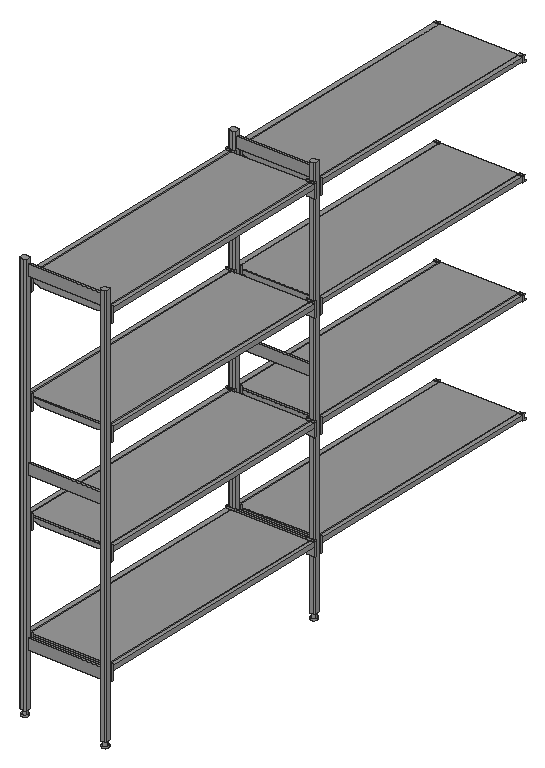
Revit family "QF_ZANUSSI_137065_ACS2192", category Attrezzature speciali, Revit 2020
Family settings
  Quota connettore circolare = Usa diametro
  Tipo di parte = Normale
  Basato su piano di lavoro = No
  Sempre verticale = Sì
  Taglio con vuoti quando caricato = No
  Condiviso = No
  Punto di calcolo locali = No
Parameters (values of type "Standard")
  Weight = 34.00 kg
  Watts = 0 W
  Volts = 0 V
  URL Manufacturer = "http://www.zanussiprofessional.com"
  URL = "http://www.zanussiprofessional.com"
  Steam Supply Size = 0 mm
  Steam Supply Minimum Pressure = 0.0 Pa
  Steam Supply Maximum Pressure = 0.0 Pa
  Steam Consumption per Hour = 0
  Refrigeration Suction Line Size = 0.0 mm
  Refrigeration Liquid Line Size = 0.0 mm
  Refrigerant Compressor Remote = yes
  Prospetto di default = 0.0 mm
  Phase = 0
  Modello = "ACS2192"
  Produttore = "Zanussi"
  Length Actual = 2196.0 mm  # constant formula
  Item Number = "137065"
  Hot Water Size = 0 mm
  Height Actual = 1700.0 mm  # constant formula
  HP = "0 HP"
  Gas Size = 0 mm
  Gas KW = 0
  Gas Input Pressure = 0 W
  Direct Waste Size = 0 mm
  Descrizione = "ALUM.CORNER SHELV.-POLY.TIERS-373X2196MM"
  Depth Actual = 373.0 mm  # constant formula
  Cycle = 0 Hz
  Condensate Return Size = 0 mm
  Compressed Air Volume = 0.0 L/s
  Compressed Air Size = 0 mm
  Compressed Air Pressure = 0.0 Pa
  Cold Water Size = 0 mm
  Accessory = yes
Reference planes
  plane 1: z = 0
  plane 2 "CenterLeft": y = -535.5
  plane 3 "FRONT": y = -921.5
  plane 4 "LEFT": x = 192.5
  plane 5 "RIGHT": x = 565.5
  plane 6 "TOP": z = 1700
  plane 7: y = -889.5
  plane 8: y = 172.5
  plane 9 "Center (Left/Back)": x = 379
  plane 10: x = 205
  plane 11: x = 515
  plane 12 "FEET": z = 25
  plane 13: z = 275
  plane 14: z = 725
  plane 15: z = 1175
  plane 16: z = 1625
  plane 17 "CXLeft": y = -907.5
  plane 18 "Center (Front/Back)": y = 190.5
  plane 19 "CYFront": x = 510
  plane 20: y = 1270.5
  plane 21: y = 208.5
  plane 22 "BACK": y = 1274.5
  plane 23 "LEFT_ORIGIN": x = 158.5
  plane 24 "BACK_ORIGIN": y = 1647.5
Forms (mm)
  Extrusion 1, solid, material "QF_Aluminum"
    sketch origin (38.022, -921.5, -4.006) x (-1, 0, 0) y (0, 0, 1)
      loop
        line (-189.5, 1637.003) -> (-173.5, 1637.003) -> (-173.5, 1655) -> (-175.493, 1655) -> (-175.493, 1648.501) -> (-506.5, 1648.501) -> (-506.5, 1655) -> (-508.5, 1655) -> (-508.5, 1637.003) -> (-492.5, 1637.003) -> (-458.5, 1625) -> (-223.5, 1625) -> (-189.5, 1637.003)
      loop
        line (-189.5, 1187.003) -> (-173.5, 1187.003) -> (-173.5, 1205) -> (-175.493, 1205) -> (-175.493, 1198.501) -> (-506.5, 1198.501) -> (-506.5, 1205) -> (-508.5, 1205) -> (-508.5, 1187.003) -> (-492.5, 1187.003) -> (-458.5, 1175) -> (-223.5, 1175) -> (-189.5, 1187.003)
      loop
        line (-189.5, 737.003) -> (-173.5, 737.003) -> (-173.5, 755) -> (-175.493, 755) -> (-175.493, 748.501) -> (-506.5, 748.501) -> (-506.5, 755) -> (-508.5, 755) -> (-508.5, 737.003) -> (-492.5, 737.003) -> (-458.5, 725) -> (-223.5, 725) -> (-189.5, 737.003)
      loop
        line (-189.5, 287.003) -> (-173.5, 287.003) -> (-173.5, 305) -> (-175.493, 305) -> (-175.493, 298.501) -> (-506.5, 298.501) -> (-506.5, 305) -> (-508.5, 305) -> (-508.5, 287.003) -> (-492.5, 287.003) -> (-458.5, 275) -> (-223.5, 275) -> (-189.5, 287.003)
    from 37 to 32
  Extrusion 2, solid, material "QF_Aluminum"
    sketch origin (38.022, -921.5, 0) x (-1, 0, 0) y (0, 0, 1)
      loop
        line (-154.478, 246.005) -> (-154.478, 307.993) -> (-190.471, 307.993) -> (-190.471, 246.005) -> (-154.478, 246.005)
      loop
        line (-527.478, 246.005) -> (-491.484, 246.005) -> (-491.484, 307.993) -> (-527.478, 307.993) -> (-527.478, 246.005)
      loop
        line (-154.478, 696.005) -> (-154.478, 757.993) -> (-190.471, 757.993) -> (-190.471, 696.005) -> (-154.478, 696.005)
      loop
        line (-527.478, 696.005) -> (-491.484, 696.005) -> (-491.484, 757.993) -> (-527.478, 757.993) -> (-527.478, 696.005)
      loop
        line (-154.478, 1146.005) -> (-154.478, 1207.993) -> (-190.471, 1207.993) -> (-190.471, 1146.005) -> (-154.478, 1146.005)
      loop
        line (-527.478, 1146.005) -> (-491.484, 1146.005) -> (-491.484, 1207.993) -> (-527.478, 1207.993) -> (-527.478, 1146.005)
      loop
        line (-154.478, 1596.005) -> (-154.478, 1657.993) -> (-190.471, 1657.993) -> (-190.471, 1596.005) -> (-154.478, 1596.005)
      loop
        line (-527.478, 1596.005) -> (-491.484, 1596.005) -> (-491.484, 1657.993) -> (-527.478, 1657.993) -> (-527.478, 1596.005)
    from 28 to 32
  Extrusion 3, solid, material "QF_Aluminum"
    sketch origin (38.022, -921.5, 0) x (-1, 0, 0) y (0, 0, 1)
      loop
        line (-154.5, 1650.994) -> (-173.5, 1650.994) -> (-173.5, 1632.998) -> (-154.5, 1632.998) -> (-154.5, 1650.994)
      loop
        line (-154.5, 1200.994) -> (-173.5, 1200.994) -> (-173.5, 1182.998) -> (-154.5, 1182.998) -> (-154.5, 1200.994)
      loop
        line (-154.5, 750.994) -> (-173.5, 750.994) -> (-173.5, 732.998) -> (-154.5, 732.998) -> (-154.5, 750.994)
      loop
        line (-154.5, 300.994) -> (-173.5, 300.994) -> (-173.5, 282.998) -> (-154.5, 282.998) -> (-154.5, 300.994)
      loop
        line (-527.455, 1650.994) -> (-527.455, 1632.998) -> (-508.455, 1632.998) -> (-508.455, 1650.994) -> (-527.455, 1650.994)
      loop
        line (-527.455, 1200.994) -> (-527.455, 1182.998) -> (-508.455, 1182.998) -> (-508.455, 1200.994) -> (-527.455, 1200.994)
      loop
        line (-527.455, 750.994) -> (-527.455, 732.998) -> (-508.455, 732.998) -> (-508.455, 750.994) -> (-527.455, 750.994)
      loop
        line (-527.455, 300.994) -> (-527.455, 282.998) -> (-508.455, 282.998) -> (-508.455, 300.994) -> (-527.455, 300.994)
    from 32 to 1094
  Extrusion 4, solid, material "QF_Polyethylene"
    sketch origin (38.022, -921.5, 0) x (-1, 0, 0) y (0, 0, 1)
      loop
        line (-175.493, 1650.994) -> (-506.5, 1650.994) -> (-506.5, 1644.496) -> (-175.493, 1644.496) -> (-175.493, 1650.994)
      loop
        line (-175.493, 1200.994) -> (-506.5, 1200.994) -> (-506.5, 1194.496) -> (-175.493, 1194.496) -> (-175.493, 1200.994)
      loop
        line (-175.493, 750.994) -> (-506.5, 750.994) -> (-506.5, 744.496) -> (-175.493, 744.496) -> (-175.493, 750.994)
      loop
        line (-175.493, 300.994) -> (-506.5, 300.994) -> (-506.5, 294.496) -> (-175.493, 294.496) -> (-175.493, 300.994)
    from 32 to 1094
  Extrusion 5, solid, material "QF_Aluminum"
    sketch origin (38.022, 684.5, 0) x (-1, 0, 0) y (0, 0, 1)
      loop
        line (-154.5, 1650.994) -> (-173.5, 1650.994) -> (-173.5, 1632.998) -> (-154.5, 1632.998) -> (-154.5, 1650.994)
      loop
        line (-508.5, 1650.994) -> (-527.455, 1650.994) -> (-527.455, 1632.998) -> (-508.5, 1632.998) -> (-508.5, 1650.994)
      loop
        line (-154.5, 1200.994) -> (-173.5, 1200.994) -> (-173.5, 1182.998) -> (-154.5, 1182.998) -> (-154.5, 1200.994)
      loop
        line (-508.5, 1200.994) -> (-527.455, 1200.994) -> (-527.455, 1182.998) -> (-508.5, 1182.998) -> (-508.5, 1200.994)
      loop
        line (-154.5, 750.994) -> (-173.5, 750.994) -> (-173.5, 732.998) -> (-154.5, 732.998) -> (-154.5, 750.994)
      loop
        line (-508.5, 750.994) -> (-527.455, 750.994) -> (-527.455, 732.998) -> (-508.5, 732.998) -> (-508.5, 750.994)
      loop
        line (-154.5, 300.994) -> (-173.5, 300.994) -> (-173.5, 282.998) -> (-154.5, 282.998) -> (-154.5, 300.994)
      loop
        line (-508.5, 300.994) -> (-527.455, 300.994) -> (-527.455, 282.998) -> (-508.5, 282.998) -> (-508.5, 300.994)
    from 586 to -476
  Extrusion 6, solid, material "QF_Polyethylene"
    sketch origin (38.022, 684.5, 0) x (-1, 0, 0) y (0, 0, 1)
      loop
        line (-175.493, 1650.994) -> (-506.5, 1650.994) -> (-506.5, 1644.496) -> (-175.493, 1644.496) -> (-175.493, 1650.994)
      loop
        line (-175.493, 1200.994) -> (-506.5, 1200.994) -> (-506.5, 1194.496) -> (-175.493, 1194.496) -> (-175.493, 1200.994)
      loop
        line (-175.493, 750.994) -> (-506.5, 750.994) -> (-506.5, 744.496) -> (-175.493, 744.496) -> (-175.493, 750.994)
      loop
        line (-175.493, 300.994) -> (-506.5, 300.994) -> (-506.5, 294.496) -> (-175.493, 294.496) -> (-175.493, 300.994)
    from 586 to -476
Lines and regions (mm)
  symbolic lines
    curve 1: line (205, -912.5, 1700) -> (515, -912.5, 1700)
    curve 2: line (515, -902.5, 1700) -> (205, -902.5, 1700)
    curve 3: line (192.5, -893.5, 1700) -> (192.5, 176.5, 1700)
    curve 4: line (565.5, -889.5, 1700) -> (565.5, 172.5, 1700)
    curve 5: line (192.5, 204.5, 1700) -> (192.5, 1274.5, 1700)
    curve 6: line (565.5, 204.5, 1700) -> (565.5, 1274.5, 1700)
    curve 7: line (211.522, 1270.5, 1700) -> (510.507, 1270.5, 1700)
    curve 8: line (211.522, 172.5, 1700) -> (510.507, 172.5, 1700)
    curve 9: line (510.507, 208.5, 1700) -> (211.522, 208.5, 1700)
    curve 10: line (211.522, -889.5, 1700) -> (510.507, -889.5, 1700)
    curve 11: line (211.522, -889.5, 1700) -> (211.522, 172.5, 1700)
    curve 12: line (546.478, 172.5, 1700) -> (546.478, -889.5, 1700)
    curve 13: line (211.522, 208.5, 1700) -> (211.522, 1270.5, 1700)
    curve 14: line (546.522, 652.5, 1700) -> (546.522, -145.5, 1700)
Dimensions and locks
  plane 3 "FRONT" to plane 2 "CenterLeft" = 386.0 mm
  locked: plane 6 "TOP" to level at 1700
  locked: plane 7 to plane 8 at 1062
  locked: plane 10 to plane 11 at 310
  plane 10 to plane 9 "Center (Left/Back)" to plane 11 = 174.0 mm, 136.0 mm
  equal spacing: plane 4 "LEFT", plane 9 "Center (Left/Back)", plane 5 "RIGHT"
  plane 12 "FEET" to level = 25.0 mm
  plane 6 "TOP" to plane 12 "FEET" = 1675.0 mm
  plane 13 to plane 12 "FEET" = 250.0 mm
  plane 14 to plane 13 = 450.0 mm
  plane 15 to plane 14 = 450.0 mm
  plane 16 to plane 15 = 450.0 mm
  plane 19 "CYFront" to Extrusion 1 sketch curve = 34.522 mm
  locked: plane 21 to plane 20 at 1062
  locked: plane 8 to plane 18 "Center (Front/Back)" at 18
  locked: plane 18 "Center (Front/Back)" to plane 21 at 18
  locked: plane 3 "FRONT" to plane 7 at 32
  locked: plane 4 "LEFT" to plane 5 "RIGHT" at 373
  locked: plane 23 "LEFT_ORIGIN" to plane 5 "RIGHT" at 407
  locked: plane 22 "BACK" to plane 24 "BACK_ORIGIN" at 373
  locked: plane 22 "BACK" to plane 3 "FRONT" at 2196
  aligned and locked: level to plane 1
  aligned and locked: Extrusion 1 to plane 7
  aligned and locked: plane 7 to Extrusion 2
  aligned and locked: Extrusion 4 to plane 7
  aligned and locked: plane 8 to Extrusion 4
  aligned and locked: Extrusion 3 to plane 7
  aligned and locked: plane 8 to Extrusion 3
  aligned and locked: Extrusion 1 sketch curve to Extrusion 1 sketch curve  (x3)
  aligned and locked: Extrusion 4 sketch curve to Extrusion 1  (x4)
  aligned and locked: Extrusion 5 sketch curve to Extrusion 5 sketch curve  (x2)
  aligned and locked: Extrusion 5 to plane 21  (x5)
  aligned and locked: Extrusion 6 to plane 21  (x5)
  aligned and locked: nested 2 to plane 18 "Center (Front/Back)"
  aligned and locked: nested 1 to plane 17 "CXLeft"
  aligned and locked: plane 7 to Extrusion 3  (x3)
  aligned and locked: Extrusion 3 to plane 8  (x4)
  aligned and locked: Extrusion 4 to plane 8  (x4)
  aligned and locked: plane 20 to Extrusion 5
  aligned and locked: plane 20 to Extrusion 6
  aligned and locked: Extrusion 5 to plane 20  (x3)
  aligned and locked: Extrusion 6 to plane 20  (x3)
  aligned and locked: plane 9 "Center (Left/Back)" to nested 2
  aligned and locked: nested 3 to plane 22 "BACK"
Automatic sketch dimensions
  curve 1 to plane 10 = 0.0 mm
  curve 1 to plane 11 = 0.0 mm
  curve 2 to plane 10 = 0.0 mm
  curve 2 to plane 11 = 0.0 mm
  curve 3 to plane 4 "LEFT" = 0.0 mm
  plane 7 to curve 10 = 0.0 mm
  curve 4 to plane 5 "RIGHT" = 0.0 mm
  plane 7 to curve 4 = 0.0 mm
  plane 8 to curve 8 = 0.0 mm
  plane 8 to curve 4 = 0.0 mm
  curve 6 to plane 5 "RIGHT" = 0.0 mm
  curve 5 to plane 4 "LEFT" = 0.0 mm
  curve 9 to plane 21 = 0.0 mm
  plane 20 to curve 7 = 0.0 mm
  plane 7 to curve 3 = 4.0 mm
  plane 17 "CXLeft" to curve 2 = 5.0 mm
  curve 1 to plane 17 "CXLeft" = 5.0 mm
  curve 3 to plane 8 = 4.0 mm
  curve 6 to plane 21 = 4.0 mm
  curve 5 to plane 21 = 4.0 mm
  curve 6 to plane 20 = 4.0 mm
  curve 5 to plane 20 = 4.0 mm
  plane 11 to curve 10 = 4.493 mm
  plane 11 to curve 9 = 4.493 mm
  plane 11 to curve 8 = 4.493 mm
  plane 11 to curve 7 = 4.493 mm
  curve 8 to plane 10 = 6.522 mm
  curve 7 to plane 10 = 6.522 mm
  Extrusion 1 sketch curve to plane 19 "CYFront" = 36.522 mm  (x4)
  Extrusion 1 sketch curve to plane 11 = 15.522 mm  (x4)
  Extrusion 1 sketch curve to plane 13 = 4.006 mm
  Extrusion 1 sketch curve to Extrusion 1 sketch curve = 34.0 mm  (x4)
  Extrusion 1 sketch curve to plane 14 = 4.006 mm
  Extrusion 1 sketch curve to plane 15 = 4.006 mm
  Extrusion 1 sketch curve to plane 16 = 4.006 mm
  Extrusion 1 sketch curve to plane 10 = 56.522 mm  (x4)
  Extrusion 1 sketch curve to plane 10 = 22.522 mm  (x4)
  plane 13 to Extrusion 1 sketch curve = 7.998 mm  (x2)
  Extrusion 1 sketch curve to Extrusion 1 sketch curve = 11.498 mm  (x4)
  Extrusion 1 sketch curve to Extrusion 1 sketch curve = 6.499 mm  (x8)
  plane 14 to Extrusion 1 sketch curve = 7.998 mm  (x2)
  plane 15 to Extrusion 1 sketch curve = 7.998 mm  (x2)
  plane 16 to Extrusion 1 sketch curve = 7.998 mm  (x2)
  Extrusion 2 sketch curve to plane 5 "RIGHT" = 0.0 mm  (x4)
  Extrusion 2 sketch curve to plane 4 "LEFT" = 0.0 mm  (x4)
  Extrusion 2 sketch curve to plane 11 = 14.507 mm  (x4)
  Extrusion 2 sketch curve to plane 10 = 23.493 mm  (x4)
  Extrusion 2 sketch curve to plane 13 = 28.995 mm  (x2)
  plane 13 to Extrusion 2 sketch curve = 32.993 mm  (x2)
  Extrusion 2 sketch curve to plane 14 = 28.995 mm  (x2)
  plane 14 to Extrusion 2 sketch curve = 32.993 mm  (x2)
  Extrusion 2 sketch curve to plane 15 = 28.995 mm  (x2)
  plane 15 to Extrusion 2 sketch curve = 32.993 mm  (x2)
  Extrusion 2 sketch curve to plane 16 = 28.995 mm  (x2)
  plane 16 to Extrusion 2 sketch curve = 32.993 mm  (x2)
  plane 13 to Extrusion 4 sketch curve = 19.496 mm
  Extrusion 4 sketch curve to Extrusion 4 sketch curve = 6.499 mm  (x4)
  plane 14 to Extrusion 4 sketch curve = 19.496 mm
  plane 15 to Extrusion 4 sketch curve = 19.496 mm
  plane 16 to Extrusion 4 sketch curve = 19.496 mm
  plane 5 "RIGHT" to Extrusion 5 sketch curve = 0.022 mm  (x4)
  Extrusion 5 sketch curve to plane 4 "LEFT" = 19.022 mm  (x4)
  Extrusion 5 sketch curve to plane 19 "CYFront" = 36.522 mm  (x2)
  plane 13 to Extrusion 5 sketch curve = 7.998 mm  (x2)
  Extrusion 5 sketch curve to Extrusion 5 sketch curve = 17.997 mm  (x8)
  plane 14 to Extrusion 5 sketch curve = 7.998 mm  (x2)
  plane 15 to Extrusion 5 sketch curve = 7.998 mm  (x2)
  plane 16 to Extrusion 5 sketch curve = 7.998 mm  (x2)
  Extrusion 6 sketch curve to plane 19 "CYFront" = 34.522 mm  (x4)
  plane 13 to Extrusion 6 sketch curve = 19.496 mm
  Extrusion 6 sketch curve to Extrusion 6 sketch curve = 6.499 mm  (x4)
  plane 14 to Extrusion 6 sketch curve = 19.496 mm
  plane 15 to Extrusion 6 sketch curve = 19.496 mm
  plane 16 to Extrusion 6 sketch curve = 19.496 mm
  plane 5 "RIGHT" to Extrusion 3 sketch curve = 0.022 mm  (x4)
  Extrusion 3 sketch curve to Extrusion 3 sketch curve = 19.0 mm  (x4)
  plane 14 to Extrusion 3 sketch curve = 7.998 mm  (x2)
  Extrusion 3 sketch curve to plane 10 = 6.522 mm  (x4)
  Extrusion 3 sketch curve to plane 4 "LEFT" = 0.022 mm  (x4)
  plane 13 to Extrusion 3 sketch curve = 25.994 mm  (x2)
  plane 13 to Extrusion 3 sketch curve = 7.998 mm  (x2)
  Extrusion 3 sketch curve to Extrusion 3 sketch curve = 17.997 mm  (x6)
  plane 15 to Extrusion 3 sketch curve = 7.998 mm  (x2)
  plane 16 to Extrusion 3 sketch curve = 7.998 mm  (x2)
  plane 7 to curve 12 = 0.0 mm
  plane 8 to curve 12 = 0.0 mm
  curve 4 to curve 12 = 19.022 mm
  Extrusion 1 sketch curve to plane 10 = 8.516 mm  (x4)
  Extrusion 1 sketch curve to plane 10 = 6.522 mm  (x2)
  Extrusion 1 sketch curve to Extrusion 1 sketch curve = 1.993 mm  (x2)
  Extrusion 4 sketch curve to plane 10 = 8.516 mm  (x4)
  Extrusion 5 sketch curve to plane 4 "LEFT" = 0.022 mm  (x4)
  Extrusion 6 sketch curve to plane 10 = 8.516 mm  (x4)
Nested families
  nested 1: "WT_Anta373" at (215.5, -504.5, 0) x (0, 1, 0) z (0, 0, 1), type "WT_Anta373"
  nested 2: "WT_Anta373Center" at (215.5, 593.5, 0) x (0, 1, 0) z (0, 0, 1), type "WT_Anta373Center"
  nested 3: "WT_Aggancio373" at (215.5, 1682.5, 0) x (0, 1, 0) z (0, 0, 1), type "WT_Aggancio373"
Definition of nested family "WT_Anta373"
  Parameters
    WidthLeft = A + 64.0 mm  # 772.0 mm
    Width = 1606.0 mm
    Right = WidthLeft / 2  # 386.0 mm
    Default Elevation = 0.0 mm
    Left = -WidthLeft / 2  # -386.0 mm
    Height = 1725.0 mm
    FEET = 25.0 mm
    E = 0.0 mm
    Dint = Depth - 63.0 mm  # 310.0 mm
    Dext = Depth - 8.0 mm  # 365.0 mm
    Depth = 373.0 mm
    DX = (WidthLeft - A) / 2  # 32.0 mm
    B = 798.0 mm
    A = 708.0 mm
  Reference planes
    plane 1: z = 0
    plane 2 "LEFT": x = -417
    plane 3 "BACK": y = 23
    plane 4 "FRONT": y = -350
    plane 5 "TOP": z = 1725
    plane 6 "Center (Front/Back)": y = -163.5
    plane 7: y = -8.5
    plane 8: y = -318.5
    plane 9 "FEET": z = 25
    plane 10: z = 275
    plane 11: z = 725
    plane 12: z = 1175
    plane 13: z = 1625
    plane 14 "CXLeft": x = -403
    plane 15: y = 5.5
    plane 16 "CYBack": y = 5.5
    plane 17 "CYFront": y = -332.5
    plane 18: x = -385.031
    plane 19: x = -380.031
  Forms (mm)
    Extrusion 1, solid
      sketch origin (0, 0, 0) x (1, 0, 0) y (0, 1, 0)
        loop
          line (-417, 13.246) -> (-417, -2.246) -> (-410.746, -8.5) -> (-395.254, -8.5) -> (-389, -2.246) -> (-389, 13.246) -> (-395.254, 19.5) -> (-410.746, 19.5) -> (-417, 13.246)
      from 1725 to 25
    Extrusion 2, solid
      sketch origin (-417, 0, 0) x (0, 1, 0) y (0, 0, 1)
        loop
          line (23, 246.005) -> (23, 307.993) -> (-12.993, 307.993) -> (-12.993, 246.005) -> (23, 246.005)
        loop
          line (-350, 246.005) -> (-314.007, 246.005) -> (-314.007, 307.993) -> (-350, 307.993) -> (-350, 246.005)
        loop
          line (23, 696.005) -> (23, 757.993) -> (-12.993, 757.993) -> (-12.993, 696.005) -> (23, 696.005)
        loop
          line (-350, 696.005) -> (-314.007, 696.005) -> (-314.007, 757.993) -> (-350, 757.993) -> (-350, 696.005)
        loop
          line (23, 1146.005) -> (23, 1207.993) -> (-12.993, 1207.993) -> (-12.993, 1146.005) -> (23, 1146.005)
        loop
          line (-350, 1146.005) -> (-314.007, 1146.005) -> (-314.007, 1207.993) -> (-350, 1207.993) -> (-350, 1146.005)
        loop
          line (23, 1596.005) -> (23, 1657.993) -> (-12.993, 1657.993) -> (-12.993, 1596.005) -> (23, 1596.005)
        loop
          line (-350, 1596.005) -> (-314.007, 1596.005) -> (-314.007, 1657.993) -> (-350, 1657.993) -> (-350, 1596.005)
      from 28 to 32
    Revolve 3, solid
      sketch origin (-403, 0, 0) x (0, 1, 0) y (0, 0, 1)
        loop
          line (5.5, 25) -> (5.5, 0) -> (19, 0) -> (19, 5) -> (14, 5) -> (14, 25) -> (5.5, 25)
        axis (5.5, 25) -> (5.5, 0)
      angle from 0 to 360
    Extrusion 4, solid
      sketch origin (-403, 0, 0) x (0, 1, 0) y (0, 0, 1)
        loop
          line (-8.5, 912.382) -> (-8.5, 957.374) -> (-318.5, 957.374) -> (-318.5, 912.382) -> (-8.5, 912.382)
        loop
          line (-8.5, 1662.244) -> (-8.5, 1707.236) -> (-318.5, 1707.236) -> (-318.5, 1662.244) -> (-8.5, 1662.244)
      from -5 to 5
    Revolve 5, solid
      sketch origin (-403, -627, 0) x (0, -1, 0) y (0, 0, 1)
        loop
          line (-294.5, 25) -> (-294.5, 0) -> (-281, 0) -> (-281, 5) -> (-286, 5) -> (-286, 25) -> (-294.5, 25)
        axis (-294.5, 25) -> (-294.5, 0)
      angle from 0 to 360
    Extrusion 6, solid
      sketch origin (0, -627, 0) x (1, 0, 0) y (0, 1, 0)
        loop
          line (-417, 286.754) -> (-410.746, 280.5) -> (-395.254, 280.5) -> (-389, 286.754) -> (-389, 302.246) -> (-395.254, 308.5) -> (-410.746, 308.5) -> (-417, 302.246) -> (-417, 286.754)
      from 1725 to 25
    Extrusion 7, solid
      sketch origin (-417.031, -0.022, 0) x (0, 1, 0) y (0, 0, -1)
        loop
          line (-12, -1632.998) -> (-46, -1620.994) -> (-281, -1620.994) -> (-315, -1632.998) -> (-331, -1632.998) -> (-331, -1650.994) -> (-329, -1650.994) -> (-329, -1644.496) -> (2.007, -1644.496) -> (2.007, -1650.994) -> (4, -1650.994) -> (4, -1632.998) -> (-12, -1632.998)
        loop
          line (-12, -1182.998) -> (-46, -1170.994) -> (-281, -1170.994) -> (-315, -1182.998) -> (-331, -1182.998) -> (-331, -1200.994) -> (-329, -1200.994) -> (-329, -1194.496) -> (2.007, -1194.496) -> (2.007, -1200.994) -> (4, -1200.994) -> (4, -1182.998) -> (-12, -1182.998)
        loop
          line (-12, -732.998) -> (-46, -720.994) -> (-281, -720.994) -> (-315, -732.998) -> (-331, -732.998) -> (-331, -750.994) -> (-329, -750.994) -> (-329, -744.496) -> (2.007, -744.496) -> (2.007, -750.994) -> (4, -750.994) -> (4, -732.998) -> (-12, -732.998)
        loop
          line (-12, -282.998) -> (-46, -270.994) -> (-281, -270.994) -> (-315, -282.998) -> (-331, -282.998) -> (-331, -300.994) -> (-329, -300.994) -> (-329, -294.496) -> (2.007, -294.496) -> (2.007, -300.994) -> (4, -300.994) -> (4, -282.998) -> (-12, -282.998)
      from -32 to -37
    Extrusion 8, solid
      sketch origin (-403, 0, -659.878) x (0, 1, 0) y (0, 0, 1)
        loop
          line (-8.5, 912.382) -> (-8.5, 957.374) -> (-318.5, 957.374) -> (-318.5, 912.382) -> (-8.5, 912.382)
        loop
          line (-8.5, 1572.382) -> (-8.5, 1617.374) -> (-318.5, 1617.374) -> (-318.5, 1572.382) -> (-8.5, 1572.382)
        loop
          line (-8.5, 2322.382) -> (-8.5, 2367.374) -> (-318.5, 2367.374) -> (-318.5, 2322.382) -> (-8.5, 2322.382)
      from -5 to 5
  Lines and regions (mm)
    symbolic lines
      curve 1: line (-408, -8.5, 1725) -> (-408, -318.5, 1725)
      curve 2: line (-398, -318.5, 1725) -> (-398, -8.5, 1725)
      curve 3: line (-395.254, -8.5, 1725) -> (-410.746, -8.5, 1725)
      curve 4: line (-417, -2.246, 1725) -> (-410.746, -8.5, 1725)
      curve 5: line (-417, 13.246, 1725) -> (-417, -2.246, 1725)
      curve 6: line (-410.746, 19.5, 1725) -> (-417, 13.246, 1725)
      curve 7: line (-395.254, 19.5, 1725) -> (-410.746, 19.5, 1725)
      curve 8: line (-389, 13.246, 1725) -> (-395.254, 19.5, 1725)
      curve 9: line (-395.254, -8.5, 1725) -> (-389, -2.246, 1725)
      curve 10: line (-395.254, -318.5, 1725) -> (-410.746, -318.5, 1725)
      curve 11: line (-417, -324.754, 1725) -> (-410.746, -318.5, 1725)
      curve 12: line (-410.746, -346.5, 1725) -> (-417, -340.246, 1725)
      curve 13: line (-395.254, -346.5, 1725) -> (-410.746, -346.5, 1725)
      curve 14: line (-389, -340.246, 1725) -> (-395.254, -346.5, 1725)
      curve 15: line (-395.254, -318.5, 1725) -> (-389, -324.754, 1725)
      curve 16: line (-389, -350, 1725) -> (-389, -314.007, 1725)
      curve 17: line (-389, -314.007, 1725) -> (-385, -314.007, 1725)
      curve 18: line (-389, 23, 1725) -> (-389, -12.993, 1725)
      curve 19: line (-389, -12.993, 1725) -> (-385, -12.993, 1725)
      curve 20: line (-417, -324.754, 1725) -> (-417, -340.246, 1725)
      curve 21: line (-385, -350, 1725) -> (-385, -314.007, 1725)
      curve 22: line (-385, -350, 1725) -> (-389, -350, 1725)
      curve 23: line (-385, 23, 1725) -> (-389, 23, 1725)
      curve 24: line (-385, -12.993, 1725) -> (-385, 23, 1725)
      curve 25: line (-385.031, -13.016, 1725) -> (-385.031, -314.029, 1725)
  Dimensions and locks
    "Height": plane 5 "TOP" to level
    "Depth": plane 3 "BACK" to plane 4 "FRONT"
    "Dint": plane 7 to plane 8
    equal spacing: plane 7, plane 6 "Center (Front/Back)", plane 8
    equal spacing: plane 3 "BACK", plane 6 "Center (Front/Back)", plane 4 "FRONT"
    plane 9 "FEET" to level = 25.0 mm
    plane 5 "TOP" to plane 9 "FEET" = 1700.0 mm
    plane 10 to plane 9 "FEET" = 250.0 mm
    plane 11 to plane 10 = 450.0 mm
    plane 12 to plane 11 = 450.0 mm
    plane 13 to plane 12 = 450.0 mm
    locked: plane 2 "LEFT" to plane 14 "CXLeft" at 14
    locked: plane 3 "BACK" to plane 16 "CYBack" at 17.5
    locked: plane 17 "CYFront" to plane 4 "FRONT" at 17.5
    locked: Revolve 3 sketch curve to Revolve 3 sketch curve at 8.5
    locked: Revolve 3 sketch curve to plane 16 "CYBack" at 13.5
    locked: Revolve 5 sketch curve to Revolve 5 sketch curve at 8.5
    aligned and locked: level to plane 1
    aligned and locked: curve 20 to Extrusion 6
    aligned and locked: plane 5 "TOP" to Extrusion 1
    aligned and locked: plane 5 "TOP" to Extrusion 6
    aligned and locked: Extrusion 7 sketch curve to Extrusion 7 sketch curve  (x3)
  Automatic sketch dimensions
    curve 16 to plane 4 "FRONT" = 0.0 mm
    curve 11 to plane 8 = 0.0 mm
    curve 9 to plane 7 = 0.0 mm
    curve 5 to plane 2 "LEFT" = 0.0 mm
    curve 23 to plane 3 "BACK" = 0.0 mm
    plane 4 "FRONT" to curve 13 = 3.5 mm
    curve 20 to plane 17 "CYFront" = 7.746 mm
    curve 20 to plane 8 = 6.254 mm
    plane 8 to curve 16 = 4.493 mm
    curve 24 to plane 18 = 0.031 mm
    curve 24 to plane 7 = 4.493 mm
    plane 7 to curve 5 = 6.254 mm
    curve 5 to plane 15 = 7.746 mm
    curve 6 to plane 3 "BACK" = 3.5 mm
    curve 21 to plane 18 = 0.031 mm
    plane 18 to curve 23 = 3.969 mm
    plane 18 to curve 16 = 3.969 mm
    curve 18 to curve 8 = 6.254 mm
    curve 18 to curve 3 = 6.254 mm
    curve 16 to curve 13 = 6.254 mm
    curve 16 to curve 15 = 6.254 mm
    plane 2 "LEFT" to curve 10 = 6.254 mm
    plane 2 "LEFT" to curve 7 = 6.254 mm
    plane 2 "LEFT" to curve 12 = 6.254 mm
    plane 2 "LEFT" to curve 3 = 6.254 mm
    curve 14 to plane 17 "CYFront" = 7.746 mm
    curve 15 to plane 8 = 6.254 mm
    plane 7 to curve 9 = 6.254 mm
    curve 8 to plane 15 = 7.746 mm
    curve 3 to curve 2 = 2.746 mm
    curve 1 to curve 10 = 2.746 mm
    Extrusion 1 sketch curve to plane 2 "LEFT" = 0.0 mm
    Extrusion 1 sketch curve to plane 7 = 0.0 mm
    plane 2 "LEFT" to Extrusion 1 sketch curve = 6.254 mm  (x2)
    plane 14 "CXLeft" to Extrusion 1 sketch curve = 7.746 mm  (x2)
    Extrusion 1 sketch curve to plane 3 "BACK" = 3.5 mm
    plane 18 to Extrusion 1 sketch curve = 3.969 mm
    plane 7 to Extrusion 1 sketch curve = 6.254 mm  (x2)
    Extrusion 1 sketch curve to plane 15 = 7.746 mm  (x2)
    Extrusion 2 sketch curve to plane 4 "FRONT" = 0.0 mm  (x4)
    Extrusion 2 sketch curve to plane 3 "BACK" = 0.0 mm  (x4)
    plane 8 to Extrusion 2 sketch curve = 4.493 mm  (x4)
    Extrusion 2 sketch curve to plane 7 = 4.493 mm  (x4)
    Extrusion 2 sketch curve to plane 10 = 28.995 mm  (x2)
    plane 10 to Extrusion 2 sketch curve = 32.993 mm  (x2)
    Extrusion 2 sketch curve to plane 11 = 28.995 mm  (x2)
    plane 11 to Extrusion 2 sketch curve = 32.993 mm  (x2)
    Extrusion 2 sketch curve to plane 12 = 28.995 mm  (x2)
    plane 12 to Extrusion 2 sketch curve = 32.993 mm  (x2)
    Extrusion 2 sketch curve to plane 13 = 28.995 mm  (x2)
    plane 13 to Extrusion 2 sketch curve = 32.993 mm  (x2)
    Revolve 3 sketch curve to plane 9 "FEET" = 0.0 mm  (x2)
    Revolve 3 sketch curve to plane 15 = 0.0 mm  (x2)
    Revolve 3 sketch curve to level = 0.0 mm
    level to Revolve 3 sketch curve = 5.0 mm
    Revolve 3 sketch curve to Revolve 3 sketch curve = 11.655 mm
    Extrusion 4 sketch curve to plane 8 = 0.0 mm  (x2)
    Extrusion 4 sketch curve to plane 7 = 0.0 mm  (x2)
    plane 11 to Extrusion 4 sketch curve = 187.382 mm
    Extrusion 4 sketch curve to Extrusion 4 sketch curve = 44.992 mm
    plane 13 to Extrusion 4 sketch curve = 37.244 mm
    Extrusion 4 sketch curve to plane 5 "TOP" = 17.764 mm
    Revolve 5 sketch curve to plane 9 "FEET" = 0.0 mm  (x2)
    Revolve 5 sketch curve to plane 17 "CYFront" = 0.0 mm  (x2)
    Revolve 5 sketch curve to level = 0.0 mm
    Revolve 5 sketch curve to plane 4 "FRONT" = 4.0 mm
    Revolve 5 sketch curve to Revolve 5 sketch curve = 5.0 mm
    level to Revolve 5 sketch curve = 11.655 mm
    Extrusion 6 sketch curve to plane 2 "LEFT" = 0.0 mm
    Extrusion 6 sketch curve to plane 8 = 0.0 mm
    Extrusion 6 sketch curve to plane 2 "LEFT" = 6.254 mm  (x2)
    Extrusion 6 sketch curve to plane 14 "CXLeft" = 7.746 mm  (x2)
    Extrusion 6 sketch curve to plane 4 "FRONT" = 3.5 mm
    Extrusion 6 sketch curve to plane 18 = 3.969 mm
    plane 8 to Extrusion 6 sketch curve = 6.254 mm  (x2)
    plane 17 "CYFront" to Extrusion 6 sketch curve = 7.746 mm  (x2)
    plane 17 "CYFront" to Extrusion 7 sketch curve = 1.478 mm  (x4)
    Extrusion 7 sketch curve to Extrusion 7 sketch curve = 2.0 mm
    plane 8 to Extrusion 7 sketch curve = 3.478 mm  (x4)
    Extrusion 7 sketch curve to plane 10 = 4.006 mm
    Extrusion 7 sketch curve to Extrusion 7 sketch curve = 34.0 mm  (x4)
    Extrusion 7 sketch curve to plane 11 = 4.006 mm
    Extrusion 7 sketch curve to plane 12 = 4.006 mm
    Extrusion 7 sketch curve to plane 13 = 4.006 mm
    Extrusion 7 sketch curve to plane 7 = 37.522 mm  (x4)
    Extrusion 7 sketch curve to plane 7 = 3.522 mm  (x4)
    plane 15 to Extrusion 7 sketch curve = 3.516 mm  (x4)
    plane 15 to Extrusion 7 sketch curve = 1.522 mm  (x4)
    plane 13 to Extrusion 7 sketch curve = 7.998 mm  (x2)
    Extrusion 7 sketch curve to Extrusion 7 sketch curve = 11.498 mm
    Extrusion 7 sketch curve to Extrusion 7 sketch curve = 6.499 mm  (x5)
    plane 12 to Extrusion 7 sketch curve = 25.994 mm  (x2)
    plane 12 to Extrusion 7 sketch curve = 7.998 mm  (x2)
    plane 11 to Extrusion 7 sketch curve = 25.994 mm  (x2)
    plane 11 to Extrusion 7 sketch curve = 7.998 mm  (x2)
    plane 10 to Extrusion 7 sketch curve = 25.994 mm  (x2)
    plane 10 to Extrusion 7 sketch curve = 7.998 mm  (x2)
    curve 25 to plane 18 = 0.0 mm
    plane 8 to curve 25 = 4.471 mm
    curve 25 to plane 7 = 4.516 mm
    Extrusion 8 sketch curve to plane 8 = 0.0 mm  (x3)
    Extrusion 8 sketch curve to plane 7 = 0.0 mm  (x3)
    Extrusion 8 sketch curve to plane 10 = 22.496 mm
    plane 10 to Extrusion 8 sketch curve = 22.496 mm
    plane 11 to Extrusion 8 sketch curve = 187.504 mm
    Extrusion 8 sketch curve to Extrusion 8 sketch curve = 44.992 mm
    plane 13 to Extrusion 8 sketch curve = 37.504 mm
    Extrusion 8 sketch curve to plane 5 "TOP" = 17.504 mm
Definition of nested family "WT_Anta373Center"
  Parameters
    WidthLeft = A + 64.0 mm  # 772.0 mm
    Width = 1606.0 mm
    Right = WidthLeft / 2  # 386.0 mm
    Default Elevation = 0.0 mm
    Left = -WidthLeft / 2  # -386.0 mm
    Height = 1725.0 mm
    FEET = 25.0 mm
    E = 0.0 mm
    Dint = Depth - 63.0 mm  # 310.0 mm
    Dext = Depth - 8.0 mm  # 365.0 mm
    Depth = 373.0 mm
    DX = (WidthLeft - A) / 2  # 32.0 mm
    B = 798.0 mm
    A = 708.0 mm
  Reference planes
    plane 1: z = 0
    plane 2 "L": x = -417
    plane 3 "BACK": y = 23
    plane 4 "FRONT": y = -350
    plane 5 "TOP": z = 1725
    plane 6 "Center (Front/Back)": y = -163.5
    plane 7: y = -8.5
    plane 8: y = -318.5
    plane 9 "FEET": z = 25
    plane 10: z = 275
    plane 11: z = 725
    plane 12: z = 1175
    plane 13: z = 1625
    plane 14 "CXLeft": x = -403
    plane 15: y = 5.5
    plane 16 "CYBack": y = 5.5
    plane 17 "CYFront": y = -332.5
    plane 18: x = -385.031
    plane 19 "RIGHT": x = -380.031
    plane 20: x = -420.969
    plane 21 "LEFT": x = -425.969
  Forms (mm)
    Extrusion 1, solid
      sketch origin (0, 0, 0) x (1, 0, 0) y (0, 1, 0)
        loop
          line (-417, 13.246) -> (-417, -2.246) -> (-410.746, -8.5) -> (-395.254, -8.5) -> (-389, -2.246) -> (-389, 13.246) -> (-395.254, 19.5) -> (-410.746, 19.5) -> (-417, 13.246)
      from 1725 to 25
    Extrusion 2, solid
      sketch origin (-417, 0, 0) x (0, 1, 0) y (0, 0, 1)
        loop
          line (23, 246.005) -> (23, 307.993) -> (-12.993, 307.993) -> (-12.993, 246.005) -> (23, 246.005)
        loop
          line (-350, 246.005) -> (-314.007, 246.005) -> (-314.007, 307.993) -> (-350, 307.993) -> (-350, 246.005)
        loop
          line (23, 696.005) -> (23, 757.993) -> (-12.993, 757.993) -> (-12.993, 696.005) -> (23, 696.005)
        loop
          line (-350, 696.005) -> (-314.007, 696.005) -> (-314.007, 757.993) -> (-350, 757.993) -> (-350, 696.005)
        loop
          line (23, 1146.005) -> (23, 1207.993) -> (-12.993, 1207.993) -> (-12.993, 1146.005) -> (23, 1146.005)
        loop
          line (-350, 1146.005) -> (-314.007, 1146.005) -> (-314.007, 1207.993) -> (-350, 1207.993) -> (-350, 1146.005)
        loop
          line (23, 1596.005) -> (23, 1657.993) -> (-12.993, 1657.993) -> (-12.993, 1596.005) -> (23, 1596.005)
        loop
          line (-350, 1596.005) -> (-314.007, 1596.005) -> (-314.007, 1657.993) -> (-350, 1657.993) -> (-350, 1596.005)
      from 28 to 32
    Revolve 3, solid
      sketch origin (-403, 0, 0) x (0, 1, 0) y (0, 0, 1)
        loop
          line (5.5, 25) -> (5.5, 0) -> (19, 0) -> (19, 5) -> (14, 5) -> (14, 25) -> (5.5, 25)
        axis (5.5, 25) -> (5.5, 0)
      angle from 0 to 360
    Extrusion 4, solid
      sketch origin (-403, 0, 0) x (0, 1, 0) y (0, 0, 1)
        loop
          line (-8.5, 912.382) -> (-8.5, 957.374) -> (-318.5, 957.374) -> (-318.5, 912.382) -> (-8.5, 912.382)
        loop
          line (-8.5, 1662.244) -> (-8.5, 1707.236) -> (-318.5, 1707.236) -> (-318.5, 1662.244) -> (-8.5, 1662.244)
      from -5 to 5
    Revolve 5, solid
      sketch origin (-403, -627, 0) x (0, -1, 0) y (0, 0, 1)
        loop
          line (-294.5, 25) -> (-294.5, 0) -> (-281, 0) -> (-281, 5) -> (-286, 5) -> (-286, 25) -> (-294.5, 25)
        axis (-294.5, 25) -> (-294.5, 0)
      angle from 0 to 360
    Extrusion 6, solid
      sketch origin (0, -627, 0) x (1, 0, 0) y (0, 1, 0)
        loop
          line (-417, 286.754) -> (-410.746, 280.5) -> (-395.254, 280.5) -> (-389, 286.754) -> (-389, 302.246) -> (-395.254, 308.5) -> (-410.746, 308.5) -> (-417, 302.246) -> (-417, 286.754)
      from 1725 to 25
    Extrusion 7, solid
      sketch origin (-417.031, -0.022, 0) x (0, 1, 0) y (0, 0, -1)
        loop
          line (-12, -1632.998) -> (-46, -1620.994) -> (-281, -1620.994) -> (-315, -1632.998) -> (-331, -1632.998) -> (-331, -1650.994) -> (-329, -1650.994) -> (-329, -1644.496) -> (2.007, -1644.496) -> (2.007, -1650.994) -> (4, -1650.994) -> (4, -1632.998) -> (-12, -1632.998)
        loop
          line (-12, -1182.998) -> (-46, -1170.994) -> (-281, -1170.994) -> (-315, -1182.998) -> (-331, -1182.998) -> (-331, -1200.994) -> (-329, -1200.994) -> (-329, -1194.496) -> (2.007, -1194.496) -> (2.007, -1200.994) -> (4, -1200.994) -> (4, -1182.998) -> (-12, -1182.998)
        loop
          line (-12, -732.998) -> (-46, -720.994) -> (-281, -720.994) -> (-315, -732.998) -> (-331, -732.998) -> (-331, -750.994) -> (-329, -750.994) -> (-329, -744.496) -> (2.007, -744.496) -> (2.007, -750.994) -> (4, -750.994) -> (4, -732.998) -> (-12, -732.998)
        loop
          line (-12, -282.998) -> (-46, -270.994) -> (-281, -270.994) -> (-315, -282.998) -> (-331, -282.998) -> (-331, -300.994) -> (-329, -300.994) -> (-329, -294.496) -> (2.007, -294.496) -> (2.007, -300.994) -> (4, -300.994) -> (4, -282.998) -> (-12, -282.998)
      from -32 to -37
    Extrusion 8, solid
      sketch origin (-403, 0, -659.878) x (0, 1, 0) y (0, 0, 1)
        loop
          line (-8.5, 912.382) -> (-8.5, 957.374) -> (-318.5, 957.374) -> (-318.5, 912.382) -> (-8.5, 912.382)
        loop
          line (-8.5, 1572.382) -> (-8.5, 1617.374) -> (-318.5, 1617.374) -> (-318.5, 1572.382) -> (-8.5, 1572.382)
        loop
          line (-8.5, 2322.382) -> (-8.5, 2367.374) -> (-318.5, 2367.374) -> (-318.5, 2322.382) -> (-8.5, 2322.382)
      from -5 to 5
    Extrusion 9, solid
      sketch origin (-389, 0, 0) x (0, 1, 0) y (0, 0, -1)
        loop
          line (23, -246.005) -> (-12.993, -246.005) -> (-12.993, -307.993) -> (23, -307.993) -> (23, -246.005)
        loop
          line (-350, -246.005) -> (-350, -307.993) -> (-314.007, -307.993) -> (-314.007, -246.005) -> (-350, -246.005)
        loop
          line (23, -696.005) -> (-12.993, -696.005) -> (-12.993, -757.993) -> (23, -757.993) -> (23, -696.005)
        loop
          line (-350, -696.005) -> (-350, -757.993) -> (-314.007, -757.993) -> (-314.007, -696.005) -> (-350, -696.005)
        loop
          line (23, -1146.005) -> (-12.993, -1146.005) -> (-12.993, -1207.993) -> (23, -1207.993) -> (23, -1146.005)
        loop
          line (-350, -1146.005) -> (-350, -1207.993) -> (-314.007, -1207.993) -> (-314.007, -1146.005) -> (-350, -1146.005)
        loop
          line (23, -1596.005) -> (-12.993, -1596.005) -> (-12.993, -1657.993) -> (23, -1657.993) -> (23, -1596.005)
        loop
          line (-350, -1596.005) -> (-350, -1657.993) -> (-314.007, -1657.993) -> (-314.007, -1596.005) -> (-350, -1596.005)
      from 28 to 32
    Extrusion 10, solid
      sketch origin (-388.969, -0.022, 0) x (0, 1, 0) y (0, 0, 1)
        loop
          line (-12, 1632.998) -> (4, 1632.998) -> (4, 1650.994) -> (2.007, 1650.994) -> (2.007, 1644.496) -> (-329, 1644.496) -> (-329, 1650.994) -> (-331, 1650.994) -> (-331, 1632.998) -> (-315, 1632.998) -> (-281, 1620.994) -> (-46, 1620.994) -> (-12, 1632.998)
        loop
          line (-12, 1182.998) -> (4, 1182.998) -> (4, 1200.994) -> (2.007, 1200.994) -> (2.007, 1194.496) -> (-329, 1194.496) -> (-329, 1200.994) -> (-331, 1200.994) -> (-331, 1182.998) -> (-315, 1182.998) -> (-281, 1170.994) -> (-46, 1170.994) -> (-12, 1182.998)
        loop
          line (-12, 732.998) -> (4, 732.998) -> (4, 750.994) -> (2.007, 750.994) -> (2.007, 744.496) -> (-329, 744.496) -> (-329, 750.994) -> (-331, 750.994) -> (-331, 732.998) -> (-315, 732.998) -> (-281, 720.994) -> (-46, 720.994) -> (-12, 732.998)
        loop
          line (-12, 282.998) -> (4, 282.998) -> (4, 300.994) -> (2.007, 300.994) -> (2.007, 294.496) -> (-329, 294.496) -> (-329, 300.994) -> (-331, 300.994) -> (-331, 282.998) -> (-315, 282.998) -> (-281, 270.994) -> (-46, 270.994) -> (-12, 282.998)
      from -32 to -37
  Lines and regions (mm)
    symbolic lines
      curve 1: line (-408, -8.5, 1725) -> (-408, -318.5, 1725)
      curve 2: line (-398, -318.5, 1725) -> (-398, -8.5, 1725)
      curve 3: line (-395.254, -8.5, 1725) -> (-410.746, -8.5, 1725)
      curve 4: line (-417, -2.246, 1725) -> (-410.746, -8.5, 1725)
      curve 5: line (-410.746, 19.5, 1725) -> (-417, 13.246, 1725)
      curve 6: line (-395.254, 19.5, 1725) -> (-410.746, 19.5, 1725)
      curve 7: line (-389, 13.246, 1725) -> (-395.254, 19.5, 1725)
      curve 8: line (-395.254, -8.5, 1725) -> (-389, -2.246, 1725)
      curve 9: line (-395.254, -318.5, 1725) -> (-410.746, -318.5, 1725)
      curve 10: line (-417, -324.754, 1725) -> (-410.746, -318.5, 1725)
      curve 11: line (-410.746, -346.5, 1725) -> (-417, -340.246, 1725)
      curve 12: line (-395.254, -346.5, 1725) -> (-410.746, -346.5, 1725)
      curve 13: line (-389, -340.246, 1725) -> (-395.254, -346.5, 1725)
      curve 14: line (-395.254, -318.5, 1725) -> (-389, -324.754, 1725)
      curve 15: line (-389, -350, 1725) -> (-389, -314.007, 1725)
      curve 16: line (-389, -314.007, 1725) -> (-385, -314.007, 1725)
      curve 17: line (-389, 23, 1725) -> (-389, -12.993, 1725)
      curve 18: line (-389, -12.993, 1725) -> (-385, -12.993, 1725)
      curve 19: line (-385, -350, 1725) -> (-385, -314.007, 1725)
      curve 20: line (-385, -350, 1725) -> (-389, -350, 1725)
      curve 21: line (-385, 23, 1725) -> (-389, 23, 1725)
      curve 22: line (-385, -12.993, 1725) -> (-385, 23, 1725)
      curve 23: line (-385.031, -13.016, 1725) -> (-385.031, -314.029, 1725)
      curve 24: line (-417, -350, 1725) -> (-417, -314.007, 1725)
      curve 25: line (-417, -314.007, 1725) -> (-421, -314.007, 1725)
      curve 26: line (-417, 23, 1725) -> (-417, -12.993, 1725)
      curve 27: line (-417, -12.993, 1725) -> (-421, -12.993, 1725)
      curve 28: line (-421, -350, 1725) -> (-421, -314.007, 1725)
      curve 29: line (-421, -350, 1725) -> (-417, -350, 1725)
      curve 30: line (-421, 23, 1725) -> (-417, 23, 1725)
      curve 31: line (-421, -12.993, 1725) -> (-421, 23, 1725)
      curve 32: line (-420.969, -13.016, 1725) -> (-420.969, -314.029, 1725)
  Dimensions and locks
    "Height": plane 5 "TOP" to level
    "Depth": plane 3 "BACK" to plane 4 "FRONT"
    "Dint": plane 7 to plane 8
    equal spacing: plane 7, plane 6 "Center (Front/Back)", plane 8
    equal spacing: plane 3 "BACK", plane 6 "Center (Front/Back)", plane 4 "FRONT"
    plane 9 "FEET" to level = 25.0 mm
    plane 5 "TOP" to plane 9 "FEET" = 1700.0 mm
    plane 10 to plane 9 "FEET" = 250.0 mm
    plane 11 to plane 10 = 450.0 mm
    plane 12 to plane 11 = 450.0 mm
    plane 13 to plane 12 = 450.0 mm
    locked: plane 3 "BACK" to plane 16 "CYBack" at 17.5
    locked: plane 17 "CYFront" to plane 4 "FRONT" at 17.5
    locked: Revolve 3 sketch curve to Revolve 3 sketch curve at 8.5
    locked: Revolve 3 sketch curve to plane 16 "CYBack" at 13.5
    locked: Revolve 5 sketch curve to Revolve 5 sketch curve at 8.5
    aligned and locked: level to plane 1
    aligned and locked: plane 5 "TOP" to Extrusion 1
    aligned and locked: plane 5 "TOP" to Extrusion 6
    aligned and locked: Extrusion 7 sketch curve to Extrusion 7 sketch curve  (x3)
    aligned and locked: Extrusion 10 sketch curve to Extrusion 10 sketch curve  (x3)
  Automatic sketch dimensions
    curve 15 to plane 4 "FRONT" = 0.0 mm
    curve 28 to plane 4 "FRONT" = 0.0 mm
    curve 9 to plane 8 = 0.0 mm
    curve 25 to plane 2 "L" = 0.0 mm
    curve 8 to plane 7 = 0.0 mm
    curve 17 to plane 3 "BACK" = 0.0 mm
    curve 30 to plane 3 "BACK" = 0.0 mm
    plane 4 "FRONT" to curve 11 = 3.5 mm
    curve 19 to plane 18 = 0.031 mm
    plane 8 to curve 19 = 4.493 mm
    plane 8 to curve 25 = 4.493 mm
    curve 27 to plane 20 = 0.031 mm
    curve 27 to plane 7 = 4.493 mm
    curve 17 to plane 7 = 4.493 mm
    curve 5 to plane 15 = 7.746 mm
    curve 7 to plane 3 "BACK" = 3.5 mm
    curve 18 to plane 18 = 0.031 mm
    plane 18 to curve 21 = 3.969 mm
    plane 18 to curve 20 = 3.969 mm
    curve 15 to curve 9 = 6.254 mm
    curve 17 to curve 7 = 6.254 mm
    curve 17 to curve 3 = 6.254 mm
    curve 15 to curve 12 = 6.254 mm
    plane 2 "L" to curve 12 = 6.254 mm
    plane 2 "L" to curve 4 = 6.254 mm
    plane 2 "L" to curve 10 = 6.254 mm
    plane 2 "L" to curve 5 = 6.254 mm
    curve 28 to plane 20 = 0.031 mm
    curve 13 to plane 17 "CYFront" = 7.746 mm
    curve 14 to plane 8 = 6.254 mm
    plane 7 to curve 8 = 6.254 mm
    curve 7 to plane 15 = 7.746 mm
    curve 9 to curve 2 = 2.746 mm
    curve 1 to curve 9 = 2.746 mm
    Extrusion 1 sketch curve to plane 2 "L" = 0.0 mm
    Extrusion 1 sketch curve to plane 7 = 0.0 mm
    plane 2 "L" to Extrusion 1 sketch curve = 6.254 mm  (x2)
    plane 14 "CXLeft" to Extrusion 1 sketch curve = 7.746 mm  (x2)
    Extrusion 1 sketch curve to plane 3 "BACK" = 3.5 mm
    plane 18 to Extrusion 1 sketch curve = 3.969 mm
    plane 7 to Extrusion 1 sketch curve = 6.254 mm  (x2)
    Extrusion 1 sketch curve to plane 15 = 7.746 mm  (x2)
    Extrusion 2 sketch curve to plane 4 "FRONT" = 0.0 mm  (x4)
    Extrusion 2 sketch curve to plane 3 "BACK" = 0.0 mm  (x4)
    plane 8 to Extrusion 2 sketch curve = 4.493 mm  (x4)
    Extrusion 2 sketch curve to plane 7 = 4.493 mm  (x4)
    Extrusion 2 sketch curve to plane 10 = 28.995 mm  (x2)
    plane 10 to Extrusion 2 sketch curve = 32.993 mm  (x2)
    Extrusion 2 sketch curve to plane 11 = 28.995 mm  (x2)
    plane 11 to Extrusion 2 sketch curve = 32.993 mm  (x2)
    Extrusion 2 sketch curve to plane 12 = 28.995 mm  (x2)
    plane 12 to Extrusion 2 sketch curve = 32.993 mm  (x2)
    Extrusion 2 sketch curve to plane 13 = 28.995 mm  (x2)
    plane 13 to Extrusion 2 sketch curve = 32.993 mm  (x2)
    Revolve 3 sketch curve to plane 9 "FEET" = 0.0 mm  (x2)
    Revolve 3 sketch curve to plane 15 = 0.0 mm  (x2)
    Revolve 3 sketch curve to level = 0.0 mm
    level to Revolve 3 sketch curve = 5.0 mm
    Revolve 3 sketch curve to Revolve 3 sketch curve = 11.655 mm
    Extrusion 4 sketch curve to plane 8 = 0.0 mm  (x2)
    Extrusion 4 sketch curve to plane 7 = 0.0 mm  (x2)
    plane 11 to Extrusion 4 sketch curve = 187.382 mm
    Extrusion 4 sketch curve to Extrusion 4 sketch curve = 44.992 mm
    plane 13 to Extrusion 4 sketch curve = 37.244 mm
    Extrusion 4 sketch curve to plane 5 "TOP" = 17.764 mm
    Revolve 5 sketch curve to plane 9 "FEET" = 0.0 mm  (x2)
    Revolve 5 sketch curve to plane 17 "CYFront" = 0.0 mm  (x2)
    Revolve 5 sketch curve to level = 0.0 mm
    Revolve 5 sketch curve to plane 4 "FRONT" = 4.0 mm
    Revolve 5 sketch curve to Revolve 5 sketch curve = 5.0 mm
    level to Revolve 5 sketch curve = 11.655 mm
    Extrusion 6 sketch curve to plane 2 "L" = 0.0 mm
    Extrusion 6 sketch curve to plane 8 = 0.0 mm
    Extrusion 6 sketch curve to plane 2 "L" = 6.254 mm  (x2)
    Extrusion 6 sketch curve to plane 14 "CXLeft" = 7.746 mm  (x2)
    Extrusion 6 sketch curve to plane 4 "FRONT" = 3.5 mm
    Extrusion 6 sketch curve to plane 18 = 3.969 mm
    plane 8 to Extrusion 6 sketch curve = 6.254 mm  (x2)
    plane 17 "CYFront" to Extrusion 6 sketch curve = 7.746 mm  (x2)
    plane 17 "CYFront" to Extrusion 7 sketch curve = 1.478 mm  (x4)
    Extrusion 7 sketch curve to Extrusion 7 sketch curve = 2.0 mm
    plane 8 to Extrusion 7 sketch curve = 3.478 mm  (x4)
    Extrusion 7 sketch curve to plane 10 = 4.006 mm
    Extrusion 7 sketch curve to Extrusion 7 sketch curve = 34.0 mm  (x4)
    Extrusion 7 sketch curve to plane 11 = 4.006 mm
    Extrusion 7 sketch curve to plane 12 = 4.006 mm
    Extrusion 7 sketch curve to plane 13 = 4.006 mm
    Extrusion 7 sketch curve to plane 7 = 37.522 mm  (x4)
    Extrusion 7 sketch curve to plane 7 = 3.522 mm  (x4)
    plane 15 to Extrusion 7 sketch curve = 3.516 mm  (x4)
    plane 15 to Extrusion 7 sketch curve = 1.522 mm  (x4)
    plane 13 to Extrusion 7 sketch curve = 7.998 mm  (x2)
    Extrusion 7 sketch curve to Extrusion 7 sketch curve = 11.498 mm
    Extrusion 7 sketch curve to Extrusion 7 sketch curve = 6.499 mm  (x5)
    plane 12 to Extrusion 7 sketch curve = 25.994 mm  (x2)
    plane 12 to Extrusion 7 sketch curve = 7.998 mm  (x2)
    plane 11 to Extrusion 7 sketch curve = 25.994 mm  (x2)
    plane 11 to Extrusion 7 sketch curve = 7.998 mm  (x2)
    plane 10 to Extrusion 7 sketch curve = 25.994 mm  (x2)
    plane 10 to Extrusion 7 sketch curve = 7.998 mm  (x2)
    curve 23 to plane 18 = 0.0 mm
    curve 32 to plane 20 = 0.0 mm
    plane 8 to curve 23 = 4.471 mm
    plane 8 to curve 32 = 4.471 mm
    curve 32 to plane 7 = 4.516 mm
    curve 23 to plane 7 = 4.516 mm
    Extrusion 8 sketch curve to plane 8 = 0.0 mm  (x3)
    Extrusion 8 sketch curve to plane 7 = 0.0 mm  (x3)
    Extrusion 8 sketch curve to plane 10 = 22.496 mm
    plane 10 to Extrusion 8 sketch curve = 22.496 mm
    plane 11 to Extrusion 8 sketch curve = 187.504 mm
    Extrusion 8 sketch curve to Extrusion 8 sketch curve = 44.992 mm
    plane 13 to Extrusion 8 sketch curve = 37.504 mm
    Extrusion 8 sketch curve to plane 5 "TOP" = 17.504 mm
    Extrusion 9 sketch curve to plane 4 "FRONT" = 0.0 mm  (x4)
    Extrusion 9 sketch curve to plane 3 "BACK" = 0.0 mm  (x4)
    plane 8 to Extrusion 9 sketch curve = 4.493 mm  (x4)
    Extrusion 9 sketch curve to plane 7 = 4.493 mm  (x4)
    plane 13 to Extrusion 9 sketch curve = 32.993 mm  (x2)
    Extrusion 9 sketch curve to plane 13 = 28.995 mm  (x2)
    plane 12 to Extrusion 9 sketch curve = 32.993 mm  (x2)
    Extrusion 9 sketch curve to plane 12 = 28.995 mm  (x2)
    plane 11 to Extrusion 9 sketch curve = 32.993 mm  (x2)
    Extrusion 9 sketch curve to plane 11 = 28.995 mm  (x2)
    plane 10 to Extrusion 9 sketch curve = 32.993 mm  (x2)
    Extrusion 9 sketch curve to plane 10 = 28.995 mm  (x2)
    plane 17 "CYFront" to Extrusion 10 sketch curve = 1.478 mm  (x4)
    Extrusion 10 sketch curve to Extrusion 10 sketch curve = 2.0 mm
    plane 8 to Extrusion 10 sketch curve = 3.478 mm  (x4)
    Extrusion 10 sketch curve to plane 10 = 4.006 mm
    Extrusion 10 sketch curve to Extrusion 10 sketch curve = 34.0 mm  (x4)
    Extrusion 10 sketch curve to plane 11 = 4.006 mm
    Extrusion 10 sketch curve to plane 12 = 4.006 mm
    Extrusion 10 sketch curve to plane 13 = 4.006 mm
    Extrusion 10 sketch curve to plane 7 = 37.522 mm  (x4)
    Extrusion 10 sketch curve to plane 7 = 3.522 mm  (x4)
    plane 15 to Extrusion 10 sketch curve = 3.516 mm  (x4)
    plane 15 to Extrusion 10 sketch curve = 1.522 mm  (x4)
    plane 10 to Extrusion 10 sketch curve = 7.998 mm  (x2)
    Extrusion 10 sketch curve to Extrusion 10 sketch curve = 11.498 mm  (x4)
    Extrusion 10 sketch curve to Extrusion 10 sketch curve = 6.499 mm  (x8)
    plane 11 to Extrusion 10 sketch curve = 7.998 mm  (x2)
    plane 12 to Extrusion 10 sketch curve = 7.998 mm  (x2)
    plane 13 to Extrusion 10 sketch curve = 7.998 mm  (x2)
    curve 4 to plane 2 "L" = 0.0 mm
    plane 7 to curve 4 = 6.254 mm
    curve 11 to plane 17 "CYFront" = 7.746 mm
    curve 10 to plane 8 = 6.254 mm
Definition of nested family "WT_Aggancio373"
  Parameters
    WidthLeft = A + 64.0 mm  # 772.0 mm
    Width = 1606.0 mm
    Right = WidthLeft / 2  # 386.0 mm
    Default Elevation = 0.0 mm
    Left = -WidthLeft / 2  # -386.0 mm
    Height = 1725.0 mm
    FEET = 25.0 mm
    E = 0.0 mm
    Dint = Depth - 63.0 mm  # 310.0 mm
    Dext = Depth - 8.0 mm  # 365.0 mm
    Depth = 373.0 mm
    DX = (WidthLeft - A) / 2  # 32.0 mm
    B = 798.0 mm
    A = 708.0 mm
  Reference planes
    plane 1: z = 0
    plane 2 "LEFT": x = -417
    plane 3 "BACK": y = 23
    plane 4 "FRONT": y = -350
    plane 5 "TOP": z = 1725
    plane 6 "Center (Front/Back)": y = -163.5
    plane 7: y = -8.5
    plane 8: y = -318.5
    plane 9 "FEET": z = 25
    plane 10: z = 275
    plane 11: z = 725
    plane 12: z = 1175
    plane 13: z = 1625
    plane 14: y = 5.5
    plane 15 "CYBack": y = 5.5
    plane 16 "CYFront": y = -332.5
  Forms (mm)
    Extrusion 1, solid
      sketch origin (-380, -0.022, 0) x (0, 1, 0) y (0, 0, 1)
        loop
          line (-12, 1632.998) -> (4, 1632.998) -> (4, 1650.994) -> (2.007, 1650.994) -> (2.007, 1644.496) -> (-329, 1644.496) -> (-329, 1650.994) -> (-331, 1650.994) -> (-331, 1632.998) -> (-315, 1632.998) -> (-281, 1620.994) -> (-46, 1620.994) -> (-12, 1632.998)
        loop
          line (-12, 1182.998) -> (4, 1182.998) -> (4, 1200.994) -> (2.007, 1200.994) -> (2.007, 1194.496) -> (-329, 1194.496) -> (-329, 1200.994) -> (-331, 1200.994) -> (-331, 1182.998) -> (-315, 1182.998) -> (-281, 1170.994) -> (-46, 1170.994) -> (-12, 1182.998)
        loop
          line (-12, 732.998) -> (4, 732.998) -> (4, 750.994) -> (2.007, 750.994) -> (2.007, 744.496) -> (-329, 744.496) -> (-329, 750.994) -> (-331, 750.994) -> (-331, 732.998) -> (-315, 732.998) -> (-281, 720.994) -> (-46, 720.994) -> (-12, 732.998)
        loop
          line (-12, 282.998) -> (4, 282.998) -> (4, 300.994) -> (2.007, 300.994) -> (2.007, 294.496) -> (-329, 294.496) -> (-329, 300.994) -> (-331, 300.994) -> (-331, 282.998) -> (-315, 282.998) -> (-281, 270.994) -> (-46, 270.994) -> (-12, 282.998)
      from -32 to -37
    Extrusion 2, solid
      sketch origin (-793.062, -324.754, 6.5) x (1, 0, 0) y (0, 0, 1)
        loop
          line (385.062, 1644.496) -> (385.062, 1647.496) -> (376.062, 1647.496) -> (376.062, 1620.994) -> (390.031, 1620.994) -> (390.031, 1626.496) -> (381.062, 1626.496) -> (381.062, 1644.496) -> (385.062, 1644.496)
        loop
          line (385.062, 1194.496) -> (385.062, 1197.496) -> (376.062, 1197.496) -> (376.062, 1170.994) -> (390.031, 1170.994) -> (390.031, 1176.496) -> (381.062, 1176.496) -> (381.062, 1194.496) -> (385.062, 1194.496)
        loop
          line (385.062, 744.496) -> (385.062, 747.496) -> (376.062, 747.496) -> (376.062, 720.994) -> (390.031, 720.994) -> (390.031, 726.496) -> (381.062, 726.496) -> (381.062, 744.496) -> (385.062, 744.496)
        loop
          line (385.062, 294.496) -> (385.062, 297.496) -> (376.062, 297.496) -> (376.062, 270.994) -> (390.031, 270.994) -> (390.031, 276.496) -> (381.062, 276.496) -> (381.062, 294.496) -> (385.062, 294.496)
      from 6.268 to 25.246
    Extrusion 3, solid
      sketch origin (-793.062, 32.754, 6.5) x (1, 0, 0) y (0, 0, 1)
        loop
          line (385.062, 1644.496) -> (385.062, 1647.496) -> (376.062, 1647.496) -> (376.062, 1620.994) -> (390.031, 1620.994) -> (390.031, 1626.496) -> (381.062, 1626.496) -> (381.062, 1644.496) -> (385.062, 1644.496)
        loop
          line (385.062, 1194.496) -> (385.062, 1197.496) -> (376.062, 1197.496) -> (376.062, 1170.994) -> (390.031, 1170.994) -> (390.031, 1176.496) -> (381.062, 1176.496) -> (381.062, 1194.496) -> (385.062, 1194.496)
        loop
          line (385.062, 744.496) -> (385.062, 747.496) -> (376.062, 747.496) -> (376.062, 720.994) -> (390.031, 720.994) -> (390.031, 726.496) -> (381.062, 726.496) -> (381.062, 744.496) -> (385.062, 744.496)
        loop
          line (385.062, 294.496) -> (385.062, 297.496) -> (376.062, 297.496) -> (376.062, 270.994) -> (390.031, 270.994) -> (390.031, 276.496) -> (381.062, 276.496) -> (381.062, 294.496) -> (385.062, 294.496)
      from 9.754 to 28.776
  Lines and regions (mm)
    symbolic lines
      curve 1: line (-412, -350, 0) -> (-408, -350, 0)
      curve 2: line (-412, -331.022, 0) -> (-412, -350, 0)
      curve 3: line (-408, -331.022, 0) -> (-412, -331.022, 0)
      curve 4: line (-408, -350, 0) -> (-408, -331.022, 0)
      curve 5: line (-412, 3.978, 0) -> (-408, 3.978, 0)
      curve 6: line (-412, 23, 0) -> (-412, 3.978, 0)
      curve 7: line (-408, 23, 0) -> (-412, 23, 0)
